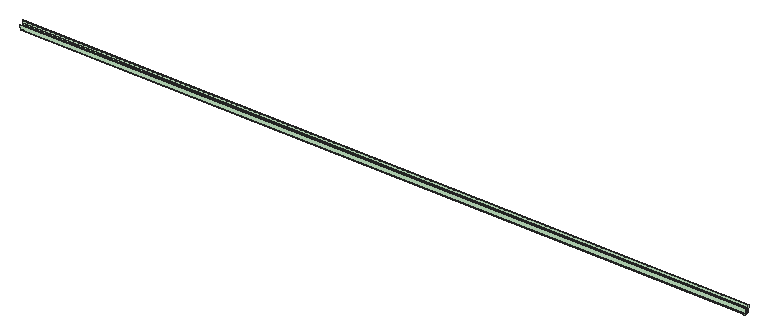
Revit family "スリムランナー", category 機械設備, Revit 2020
Family settings
  丸型コネクタ寸法 = 直径を使用
  種別 = なし
  パーツ タイプ = 標準
  作業面ベース = いいえ
  常に垂直 = はい
  ロード時にボイドで切り取り = いいえ
  共有 = いいえ
  部屋計算ポイント = いいえ
Parameters
  製造元 = "株式会社桐井製作所"
  既定の高さ = 0 mm
  URL = "https://www.kirii.co.jp/"
  K_長さ(mm) [instance] = 3000 mm
  K_外形寸法(mm) = "W13.5×H30×20×0.6"
  K_品名 = "スリムランナー"
  K_名称 = "カビノン工法部材"
  K_バージョン情報 = "20211012"
Reference planes
  plane 1 "中心(正面/背面)": y = 0
  plane 2: z = 0
  plane 3 "中心(左/右)": x = 0
  plane 4: x = 3000
  plane 5: y = -26
  plane 6: y = 26
Forms (mm)
  Extrusion 1, solid
    sketch origin (0, 0, 0) x (0, 1, 0) y (0, 0, 1)
      loop
        line (-6.293, 20.003) -> (-6.893, 20.602) -> (-6.892, 1.203)
        arc (-6.892, 1.203) -> (-6.551, 0.365) -> (-5.722, 0.003) r 1.2
        line (-5.722, 0.003) -> (5.437, 0.003)
        arc (5.437, 0.003) -> (6.306, 0.407) -> (6.602, 1.318) r 1.2
        line (6.602, 1.318) -> (5.315, 14.943) -> (6.807, 19.915) -> (6.807, 30.604) -> (6.206, 30.003) -> (6.207, 20.003) -> (4.707, 15.003) -> (6.005, 1.259)
        arc (6.005, 1.259) -> (5.858, 0.806) -> (5.428, 0.603) r 0.6
        line (5.428, 0.603) -> (-5.713, 0.603)
        arc (-5.713, 0.603) -> (-6.124, 0.786) -> (-6.293, 1.203) r 0.6
        line (-6.293, 1.203) -> (-6.293, 20.003)
    from 0 to 3000
Dimensions and locks
  "K_長さ(mm)": plane 3 "中心(左/右)" to plane 4
  aligned and locked: level to plane 2
  aligned and locked: plane 4 to Extrusion 1
  aligned and locked: Extrusion 1 to plane 4  (x2)
Automatic sketch dimensions
  Extrusion 1 sketch curve to Extrusion 1 sketch curve = 0 mm  (x6)
  plane 1 "中心(正面/背面)" to Extrusion 1 sketch curve = 6.893 mm
  Extrusion 1 sketch curve to Extrusion 1 sketch curve = 0.599 mm  (x2)
  level to Extrusion 1 sketch curve = 1.203 mm  (x2)
  Extrusion 1 sketch curve to Extrusion 1 sketch curve = 0.6 mm  (x4)
  level to Extrusion 1 sketch curve = 0.003 mm
  Extrusion 1 sketch curve to Extrusion 1 sketch curve = 0.571 mm
  Extrusion 1 sketch curve to Extrusion 1 sketch curve = 0.009 mm  (x2)
  Extrusion 1 sketch curve to Extrusion 1 sketch curve = 0.021 mm  (x2)
  Extrusion 1 sketch curve to plane 1 "中心(正面/背面)" = 4.707 mm
  Extrusion 1 sketch curve to Extrusion 1 sketch curve = 0.608 mm
  Extrusion 1 sketch curve to plane 1 "中心(正面/背面)" = 5.408 mm
  level to Extrusion 1 sketch curve = 1.259 mm
  Extrusion 1 sketch curve to Extrusion 1 sketch curve = 0.598 mm
  Extrusion 1 sketch curve to plane 1 "中心(正面/背面)" = 6.206 mm
  Extrusion 1 sketch curve to Extrusion 1 sketch curve = 0.891 mm
  level to Extrusion 1 sketch curve = 1.318 mm
  Extrusion 1 sketch curve to Extrusion 1 sketch curve = 13.625 mm
  Extrusion 1 sketch curve to Extrusion 1 sketch curve = 0.06 mm
  Extrusion 1 sketch curve to Extrusion 1 sketch curve = 4.972 mm
  Extrusion 1 sketch curve to Extrusion 1 sketch curve = 5 mm
  Extrusion 1 sketch curve to Extrusion 1 sketch curve = 0.088 mm
  Extrusion 1 sketch curve to Extrusion 1 sketch curve = 10 mm
